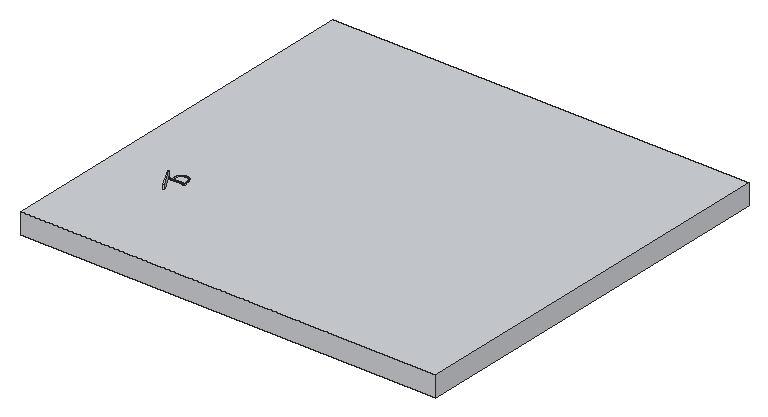
Revit family "PipeCronstein", category Обобщенные модели, Revit 2021
Family settings
  Основа = Грань
  Может служить основой для арматурных стержней = Нет
  Размер круглого соединителя = Использовать диаметр
  Тип детали = Нормальный
  При загрузке вырезать с полостями = Нет
  Общий = Нет
  Точка принадлежности помещению = Нет
Parameters (values of type "PC1200")
  Default Elevation = 1219.2 mm
  TubingLength = 1200 mm
  MovingFromBase = (TubingLength / 2) - 24 mm  # 576 mm
Types (2, lengths in mm): name | TubingLength | MovingFromBase
  PC1400 | 1400 | 676
  PC1200 | 1200 | 576
Reference planes
  plane 1 "По центру (Вперед/Назад)": y = 0
  plane 2: z = 0
  plane 3 "По центру (Влево/Вправо)": x = 0
  plane 4 "1": z = 24
Forms (mm)
  Extrusion 1, solid
    sketch origin (0, 0, 0) x (1, 0, 0) y (0, 1, 0)
      loop
        line (-3200, 2800) -> (-3200, -2920.03) -> (2893.021, -2920.03) -> (2893.021, 2800) -> (-3200, 2800)
    from 0 to -304.8
  Extrusion 2, solid
    sketch origin (-1.088, 1.088, 0) x (0, -1, 0) y (1, 0, 0)
      loop
        arc (1480.441, -2237.718) -> (1336.854, -2325.718) -> (1188.051, -2404.578) r 2695
        line (1188.051, -2404.578) -> (1195.733, -2420.239)
        arc (1195.733, -2420.239) -> (1345.286, -2340.521) -> (1489.543, -2251.577) r 2700
        line (1489.543, -2251.577) -> (1480.441, -2237.718)
    from 0 to 48
  Extrusion 3, solid
    sketch origin (287.822, -697.621, 0) x (0, -1, 0) y (1, 0, 0)
      loop
        line (586.373, -2577.217) -> (586.373, -2572.217) -> (526.498, -2572.217)
        spline (526.498, -2572.217) -> (503.14, -2569.271) -> (481.374, -2560.632) -> (462.683, -2546.889) -> (448.341, -2528.98) -> (439.325, -2508.124) -> (436.25, -2485.743) -> (439.325, -2463.362) -> (448.341, -2442.506) -> (462.683, -2424.597) -> (481.374, -2410.854) -> (503.14, -2402.216) -> (526.498, -2399.269)
        line (526.498, -2399.269) -> (586.373, -2399.269) -> (586.373, -2394.269) -> (521.498, -2394.269)
        spline (521.498, -2394.269) -> (498.14, -2397.386) -> (476.374, -2406.524) -> (457.683, -2421.061) -> (443.341, -2440.006) -> (434.325, -2462.068) -> (431.25, -2485.743) -> (434.325, -2509.418) -> (443.341, -2531.48) -> (457.683, -2550.425) -> (476.374, -2564.962) -> (498.14, -2574.1) -> (521.498, -2577.217)
        line (521.498, -2577.217) -> (586.373, -2577.217)
    from 22 to 26
  Sweep 4, solid
    path origin (0, 0, 24) x (0, 1, 0) y (1, 0, 0)
      loop
        line (-1283.994, -2090.468) -> (-1283.994, -2361.287)
    profile origin (-2225.878, -1283.994, 24) x (0, -1, 0) y (0, 0, 1)
      loop
        line (0, -2.983) -> (11.959, -2.983) -> (11.959, -1.494) -> (1.959, -1.494) -> (1.959, 8.506) -> (0, 8.506) -> (0, -2.983)
Dimensions and locks
  aligned and locked: Extrusion 1 to plane 2
  aligned and locked: Extrusion 1 to level
